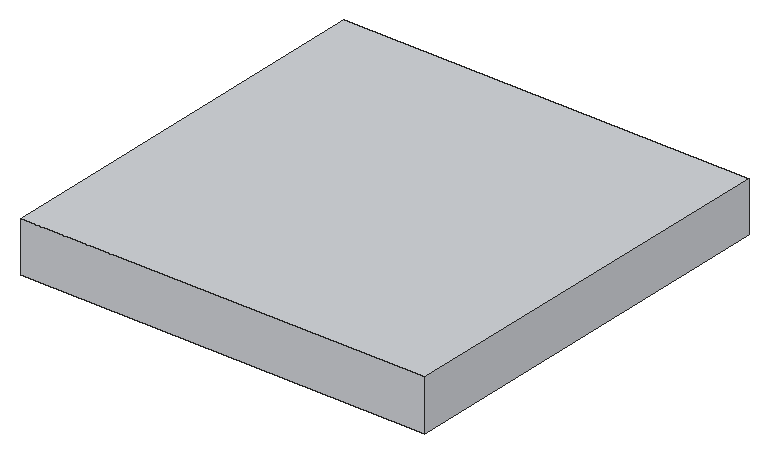
Revit family "XXX_FMI_Strukturierte_Verkabelung", category Datengeräte, Revit 2015
Parameters (values of type "RJ-45 Daten 1-fach")
  Steuermodul = no
  Omni = no
  Kreis = no
  FMI_AnzahlPorts = 1
  BK = no
  Anschlussdose = yes
  Vorgabe-Ansicht = 300 mm
  Beschriftung = "1D"
Types (11, lengths in mm): name | Steuermodul | Omni | Kreis | FMI_AnzahlPorts | BK | Anschlussdose | Beschriftung
  RJ-45 Daten 1-fach | no | no | no | 1 | no | yes | "1D"
  RJ-45 Daten 2-fach | no | no | no | 2 | no | yes | "2D"
  RJ-45 Daten 1-fach galvanisch getrennt | no | no | yes | 1 | no | yes | "1D"
  RJ-45 Daten IP-TV | no | no | no | 1 | no | yes | "TV"
  LWL Anschlussdose 1-fach | no | no | no | 1 | no | yes | "1L"
  LWL Anschlussdose 2-fach | no | no | no | 2 | no | yes | "2L"
  Steuermodul | yes | no | no | 1 | no | no | "STR"
  Omni-Antenne | no | yes | no | 1 | no | no | "1D"
  BK-Anschlussdose | no | no | no | 1 | yes | no | "1D"
  W-LAN | no | no | no | 1 | no | yes | "F"
  RJ-45 Daten 2-fach galvanisch getrennt | no | no | yes | 2 | no | yes | "2D"
Reference planes
  plane 1 "Mitte (Vorne/Hinten)": y = 0
  plane 2: z = 0
  plane 3 "Mitte (Links/Rechts)": x = 0
  plane 4: z = 7
  plane 5: z = -65
  plane 6: x = -40
  plane 7: x = 40
  plane 8: y = 40
  plane 9: y = -40
Forms (mm)
  Extrusion 1, solid
    sketch origin (0, 0, 0) x (1, 0, 0) y (0, 1, 0)
      loop
        line (-1219.2, 1219.2) -> (-1219.2, -1219.2) -> (1219.2, -1219.2) -> (1219.2, 1219.2) -> (-1219.2, 1219.2)
    from 0 to -304.8
Lines and regions (mm)
  symbolic lines, detail levels fine
    curve 1: line (-40, 0, 7) -> (40, 0, 7)
    curve 2: line (-40, 0, 0) -> (-40, 0, 7)
    curve 3: line (40, 0, 0) -> (-40, 0, 0)
    curve 4: line (40, 0, 7) -> (40, 0, 0)
    curve 5: line (-35, 0, -65) -> (-35, 0, 0)
    curve 6: line (35, 0, -65) -> (-35, 0, -65)
    curve 7: line (35, 0, 0) -> (35, 0, -65)
Dimensions and locks
  locked: plane 4 to plane 2 at 7
  plane 2 to plane 5 = 65 mm
  equal spacing: plane 6, plane 3 "Mitte (Links/Rechts)", plane 7
  plane 6 to plane 7 = 80 mm
  equal spacing: plane 8, plane 1 "Mitte (Vorne/Hinten)", plane 9
  plane 8 to plane 9 = 80 mm
  aligned and locked: plane 2 to Extrusion 1
  aligned and locked: level to Extrusion 1
  aligned and locked: plane 1 "Mitte (Vorne/Hinten)" to nested 1
  aligned and locked: plane 3 "Mitte (Links/Rechts)" to nested 1
  aligned and locked: plane 2 to curve 3
  aligned and locked: curve 1 to plane 4
  aligned and locked: curve 4 to plane 7
  aligned and locked: plane 6 to curve 2
  aligned and locked: plane 2 to curve 7
  aligned and locked: plane 5 to curve 6
Automatic sketch dimensions
  Extrusion 1 sketch curve to Extrusion 1 sketch curve = 2438.4 mm  (x2)
  plane 6 to curve 5 = 5 mm
  curve 7 to plane 7 = 5 mm
Nested families
  nested 1: "RJ45" at (0, 0, 0), visible <- "Anschlussdose", type "RJ45"
    with anzahlsichtbar no
  nested 2: "Kreis Beschriftung" at (0, 0, 0), visible <- "Kreis", type "Kreis Beschriftung"
  nested 3: "Steuerung" at (0, 0, 0), visible <- "Steuermodul", type "Steuerung"
    with anzahlsichtbar no
  nested 4: "omniantenne" at (0, 0, 0), visible <- "Omni", type "omniantenne"
  nested 5: "BK-Dat" at (-3.29, 0, 0), visible <- "BK", type "BK-Dat"
    with anzahlsichtbar no
Connectors
  electrical at (0, 0, 0)
    settings: index 1, voltage 0 V, apparent load 0 VA, apparent load phase1 0 VA, apparent load phase2 0 VA, apparent load phase3 0 VA, power factor 1, load classification "Sonstige", number of poles 1, system type 5, power factor state 1, is connector primary yes, connector utility no, sub classification motor no, connector description ""
Definition of nested family "RJ45"
  Parameters
    anzahlsichtbar [instance] = Anzahl > 1  # no
    Beschriftung = "1D"
    Anzahl = 1
  Reference planes
    plane 1: y = 0
    plane 2: x = 0
  Lines and regions (mm)
    detail lines
      curve 1: line (0, -0.023, 0) -> (0, 1.898, 0)
      curve 2: line (1.6, 1.898, 0) -> (1.6, 3.738, 0)
      curve 3: line (1.6, 1.898, 0) -> (-1.6, 1.898, 0)
      curve 4: line (-1.6, 1.898, 0) -> (-1.6, 3.738, 0)
  Text (mm)
    label "XX" at (0.01, 1.597, 0), shows "Beschriftung"
    label "xAnzahl" at (2.315, 3.069, 0), shows "Anzahl", visible <- "anzahlsichtbar"
Definition of nested family "Kreis Beschriftung"
  Reference planes
    plane 1: y = 0
    plane 2: x = 0
  Lines and regions (mm)
    detail lines
      curve 1: circle (0, 2.4, 0) r 2.4 normal (0, 0, 1)
Definition of nested family "Steuerung"
  Parameters
    anzahlsichtbar [instance] = Anzahl > 1  # no
    Beschriftung = "STR"
    Anzahl = 0
  Reference planes
    plane 1: y = 0
    plane 2: x = 0
  Lines and regions (mm)
    detail lines
      curve 1: line (-0.022, 0.008, 0) -> (-2.85, 2.837, 0)
      curve 2: line (2.807, 2.837, 0) -> (-0.022, 0.008, 0)
      curve 3: line (-0.022, 5.665, 0) -> (2.807, 2.837, 0)
      curve 4: line (-2.85, 2.837, 0) -> (-0.022, 5.665, 0)
  Text (mm)
    label "XX" at (0.01, 1.531, 0), shows "Beschriftung"
    label "xAnzahl" at (2.706, 3.144, 0), shows "Anzahl", visible <- "anzahlsichtbar"
Definition of nested family "omniantenne"
  Reference planes
    plane 1: y = 0
    plane 2: x = 0
  Lines and regions (mm)
    Filled region 1, type "Gefüllter Bereich Daten"
      outline origin (0, 0, 0) x (1, 0, 0) y (0, 1, 0)
        loop
          circle (0, 0) r 0.8
    detail lines
      curve 1: circle (0, 0, 0) r 1.5 normal (0, 0, 1)
Definition of nested family "BK-Dat"
  Parameters
    anzahlsichtbar [instance] = Anzahl > 1  # no
    Beschriftung = "1D"
    Anzahl = 1
  Reference planes
    plane 1: y = 0
    plane 2: x = 0
  Lines and regions (mm)
    detail lines
      curve 1: line (0, -0.023, 0) -> (0, 1.898, 0)
      curve 2: line (1.6, 1.898, 0) -> (1.6, 3.738, 0)
      curve 3: line (1.6, 1.898, 0) -> (-1.6, 1.898, 0)
      curve 4: line (-1.6, 1.898, 0) -> (-1.6, 3.738, 0)
      curve 5: line (-0.96, 2.538, 0) -> (-0.96, 3.738, 0)
      curve 6: line (0.96, 2.538, 0) -> (-0.96, 2.538, 0)
      curve 7: line (0.96, 2.538, 0) -> (0.96, 3.738, 0)
